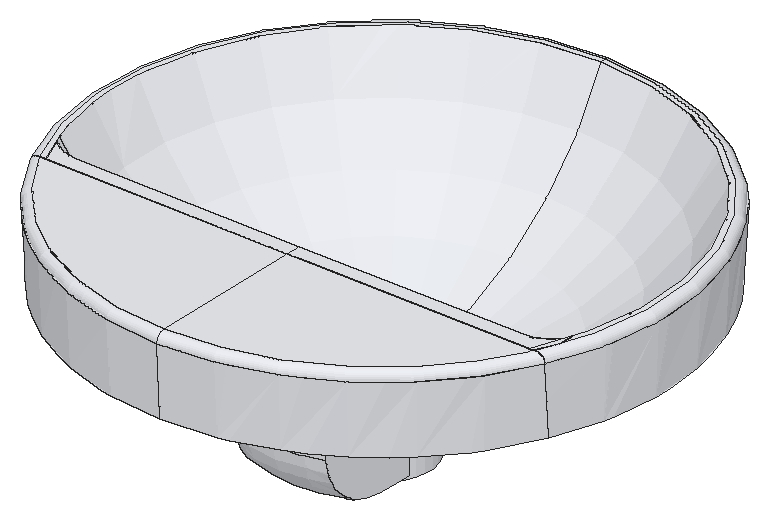
Revit family "CLARK ROUND 400 INSET NTH", category Plumbing Fixtures, host Face, Revit 2015
Parameters (values of type "CLARK ROUND 400 INSET NTH")
  Waste Connection = yes
  Vent Connection = no
  URL = "https://www.clark.com.au/"
  Spout Penetration = if([1 Taphole], 0 mm, 70 mm)  # 70 mm
  Model = "CL40011-W0"
  Material_Waste = GWA_Metal-Chrome
  Material_Basin = GWA-Porcelain-White
  Manufacturer = "GWA Bathrooms & Kitchens"  # constant formula
  HW Connection = no
  Description = "CLARK ROUND 400 INSET NTH"
  Default Elevation = 0 mm
  CreatedBy_ANZRS = "GWA Bathrooms & Kitchens"  # constant formula
  CW Connection = no
  1 Taphole = no
Types (3, lengths in mm): name | Spout Penetration | Model | Description | 1 Taphole
  (no name) | 70 | "CL40011-W0" | "CLARK ROUND 400 INSET NTH" | no
  CLARK ROUND 400 INSET NTH | 70 | "CL40011-W0" | "CLARK ROUND 400 INSET NTH" | no
  CLARK ROUND 400 INSET 1TH | 0 | "CL40011-W1" | "CLARK ROUND 400 INSET 1TH" | yes
Reference planes
  plane 1 "Center (Front/Back)": y = 0
  plane 2: z = 0
  plane 3 "Center (Left/Right)": x = 0
Forms (mm)
  Revolve 1, solid, material "GWA-Porcelain-White" <- "Material_Basin"
    sketch origin (0, -0.037, -60) x (0, 1, 0) y (0, 0, 1)
      loop
        arc (-193.736, 115) -> (-198.088, 113.131) -> (-199.728, 108.688) r 6
        line (-199.728, 108.688) -> (-197.196, 60) -> (-186.982, 60) -> (-186.826, 63) -> (-169.292, 63) -> (-169.292, 103) -> (0, 103) -> (0, 115) -> (-193.736, 115)
      axis (0, 60) -> (0, 115)
    angle from 0 to 360
  Revolve 2, solid, material "GWA-Porcelain-White" <- "Material_Basin"
    sketch origin (0, -80.9, -60) x (0, 1, 0) y (0, 0, 1)
      loop
        arc (120.043, -9.94) -> (191.793, 14.588) -> (250.155, 63) r 210
        line (250.155, 63) -> (267.689, 63) -> (267.845, 60) -> (278.059, 60) -> (280.591, 108.688)
        arc (280.591, 108.688) -> (278.951, 113.131) -> (274.599, 115) r 6
        line (274.599, 115) -> (270.74, 115)
        arc (270.74, 115) -> (208.093, 37.648) -> (115.919, 0.075) r 200
        line (115.919, 0.075) -> (102.852, -13) -> (102.852, -48) -> (112.846, -48) -> (113.966, -16.026) -> (120.043, -9.94)
      axis (80.863, 115) -> (80.863, -48)
    angle from 0 to 360
  Extrusion 3, void
    sketch origin (0, -80.9, 0) x (0, 1, 0) y (0, 0, 1)
      loop
        line (-13.638, 160.273) -> (12.07, -133.567) -> (310.928, -107.42) -> (285.22, 186.42) -> (-13.638, 160.273)
    from -232.184 to 250
  Extrusion 4, void
    sketch origin (0, -80.9, 0) x (0, 1, 0) y (0, 0, 1)
      loop
        line (-13.638, 160.273) -> (-280.92, 136.889) -> (-255.212, -156.951) -> (12.07, -133.567) -> (-13.638, 160.273)
    from -261.889 to 250
  Revolve 5, solid, material "GWA-Porcelain-White" <- "Material_Basin"
    sketch origin (0, -75.651, -60) x (0, 1, 0) y (0, 0, 1)
      loop
        line (-10.688, 126.551) -> (-9.59, 114.004) -> (0.208, 2.01) -> (25.21, 2.01)
        arc (25.21, 2.01) -> (14.054, 9.454) -> (9.01, 21.882) r 22.814
        line (9.01, 21.882) -> (0.863, 115) -> (-1.688, 126.551) -> (-10.688, 126.551)
      axis (-16.999, 198.684) -> (7.813, 200.854)
    angle from 0 to 360
  Extrusion 6, void
    sketch origin (79.988, -47.665, -140.706) x (1, 0, 0) y (0, -0.087156, 0.996195)
      loop
        arc (-98.988, 176.805) -> (-104.988, 170.805) -> (-98.988, 164.805) r 6
        line (-98.988, 164.805) -> (-60.988, 164.805)
        arc (-60.988, 164.805) -> (-54.988, 170.805) -> (-60.988, 176.805) r 6
        line (-60.988, 176.805) -> (-98.988, 176.805)
    from 0 to 34.692
  Revolve 7, solid, material "GWA-Porcelain-White" <- "Material_Basin"
    sketch origin (0, -80.9, -60) x (0, 1, 0) y (0, 0, 1)
      loop
        line (48.715, -43.315) -> (47.759, -16.026) -> (41.683, -9.94)
        arc (41.683, -9.94) -> (20.739, -5.722) -> (0.331, 0.603) r 210
        line (0.331, 0.603) -> (-8.627, 103) -> (-25.19, 103) -> (-16.08, -1.129)
        arc (-16.08, -1.129) -> (-2.511, -29.577) -> (26.393, -42.145) r 45
        line (26.393, -42.145) -> (48.715, -43.315)
      axis (80.863, 103) -> (80.863, -43.315)
    angle from -60 to 60
  Extrusion 8, void
    sketch origin (-9.591, -80.9, 0) x (1, 0, 0) y (0, 1, 0)
      loop
        line (41.591, 111.054) -> (41.591, -118.946) -> (101.591, -118.946) -> (101.591, 111.054) -> (41.591, 111.054)
    from -125.361 to 128.294
  Extrusion 9, void
    sketch origin (-133.591, -80.9, 0) x (1, 0, 0) y (0, 1, 0)
      loop
        line (41.591, 111.054) -> (41.591, -118.946) -> (101.591, -118.946) -> (101.591, 111.054) -> (41.591, 111.054)
    from -130.857 to 128.294
  Revolve 10, solid, material "GWA_Metal-Chrome" <- "Material_Waste"
    sketch origin (0, -78.521, -222.565) x (0, 1, 0) y (0, 0, 1)
      loop
        line (95.607, 133.565) -> (97.728, 137.24) -> (97.728, 150.89) -> (99.827, 155.393) -> (99.827, 159.253) -> (108.473, 160.565) -> (108.473, 161.365) -> (98.478, 160.49) -> (98.478, 155.692) -> (95.729, 149.795) -> (95.729, 137.775) -> (93.299, 133.565) -> (95.607, 133.565)
      axis (78.484, 161.365) -> (78.484, 133.565)
    angle from 0 to 360
  Revolve 11, solid, material "GWA_Metal-Chrome" <- "Material_Waste"
    sketch origin (0, -78.521, -222.565) x (0, 1, 0) y (0, 0, 1)
      loop
        line (98.178, 159.504) -> (98.178, 160.504)
        arc (98.178, 160.504) -> (88.381, 161.998) -> (78.484, 162.514) r 100
        line (78.484, 162.514) -> (78.484, 159.504) -> (98.178, 159.504)
      axis (78.484, 162.514) -> (78.484, 159.504)
    angle from 0 to 360
  Revolve 12, void
    sketch origin (0, 0, 0) x (0, 1, 0) y (0, 0, 1)
      loop
        line (192.84, 55) -> (192.84, 45) -> (219.84, 45) -> (219.84, 355) -> (0, 355) -> (0, 55) -> (192.84, 55)
      axis (0, 45) -> (0, 355)
    angle from 0 to 360
  Extrusion 13, void
    sketch origin (0, 165.424, 0) x (1, 0, 0) y (0, 1, 0)
      loop
        circle (0, -300.424) r 17
    from 80 to 70 <- "Spout Penetration"
Cuts and joins
  Extrusion 3, Extrusion 13 cuts Revolve 1
  Extrusion 4 cuts Revolve 2
  Extrusion 6, Revolve 12 cuts Revolve 5
  Extrusion 8, Extrusion 9 cuts Revolve 7
Lines and regions (mm)
  Masking region 1
    outline origin (0, 0, 0) x (1, 0, 0) y (0, 1, 0)
      loop
        circle (0, -0.037) r 200
  Masking region 2
    outline origin (0, 0, 0) x (1, 0, 0) y (0, 0, 1)
      loop
        line (193.706, 55) -> (-193.706, 55)
        arc (-193.706, 55) -> (-198.057, 53.132) -> (-199.698, 48.692) r 6
        line (-199.698, 48.692) -> (-197.196, 0) -> (197.196, 0) -> (199.698, 48.692)
        arc (199.698, 48.692) -> (198.057, 53.132) -> (193.706, 55) r 6
  Masking region 3
    outline origin (0, 0, 0) x (0, 1, 0) y (0, 0, 1)
      loop
        line (197.233, 0) -> (199.784, 48.686)
        arc (199.784, 48.686) -> (198.145, 53.13) -> (193.793, 55) r 6
        line (193.793, 55) -> (-193.793, 55)
        arc (-193.793, 55) -> (-198.145, 53.13) -> (-199.784, 48.686) r 6
        line (-199.784, 48.686) -> (-197.233, 0) -> (197.233, 0)
  symbolic lines
    curve 1: circle (0, -0.037, 0) r 200 normal (0, 0, 1)
    curve 2: arc (180.038, -60.365, 0) -> (0, 189.84, 0) -> (-180.038, -60.365, 0) r 189.877
    curve 3: arc (-180.038, -60.365, 0) -> (0, -45.984, 0) -> (180.038, -60.365, 0) r 1134.182
    curve 4: arc (-156.887, -74.788, 0) -> (-170.674, -71.127, 0) -> (-180.038, -60.365, 0) r 24.324
    curve 5: arc (156.887, -74.788, 0) -> (170.674, -71.127, 0) -> (180.038, -60.365, 0) r 24.324
    curve 6: line (-156.887, -74.788, 0) -> (156.887, -74.788, 0)
    curve 7: circle (0, -0.037, 0) r 30 normal (0, 0, 1)
    curve 8: circle (0, -0.037, 0) r 20 normal (0, 0, 1)
    curve 9: line (193.706, 0, 55) -> (-193.706, 0, 55)
    curve 10: line (197.196, 0, 0) -> (-197.196, 0, 0)
    curve 11: line (-197.196, 0, 0) -> (-199.698, 0, 48.692)
    curve 12: line (197.196, 0, 0) -> (199.698, 0, 48.692)
    curve 13: arc (-193.706, 0, 55) -> (-198.057, 0, 53.132) -> (-199.698, 0, 48.692) r 6
    curve 14: arc (193.706, 0, 55) -> (198.057, 0, 53.132) -> (199.698, 0, 48.692) r 6
    curve 15: line (0, 193.793, 55) -> (0, -193.793, 55)
    curve 16: line (0, 197.233, 0) -> (0, -197.233, 0)
    curve 17: line (0, -197.233, 0) -> (0, -199.784, 48.686)
    curve 18: line (0, 197.233, 0) -> (0, 199.784, 48.686)
    curve 19: arc (0, 193.793, 55) -> (0, 198.145, 53.13) -> (0, 199.784, 48.686) r 6
    curve 20: arc (0, -193.793, 55) -> (0, -198.145, 53.13) -> (0, -199.784, 48.686) r 6
  symbolic lines, visible <- "1 Taphole"
    curve 21: circle (0, -135, 0) r 17 normal (0, 0, 1)
Dimensions and locks
  aligned and locked: plane 2 to host face
  aligned and locked: level to host face
Connectors
  piping at (0, -0.037, -108), diameter 60
    settings: on cut or joined group of Revolve 2, Extrusion 4, index 1, connector inside diameter 609.6 mm, connector length 0 mm, flow factor 0, pipe flow 0.0 L/s, pressure drop 0.0 Pa, fitting loss kfactor 0, connector angle 0.00°, fixture units 0, engagement length 0 mm, angle of deflection 0.00°, flow configuration 3, flow direction 2, fitting loss method 0, system type 16, joint type 0, gender type 0, connector reference index -1, connector utility 0, adjustable connector no, is connector primary yes, connector description ""
